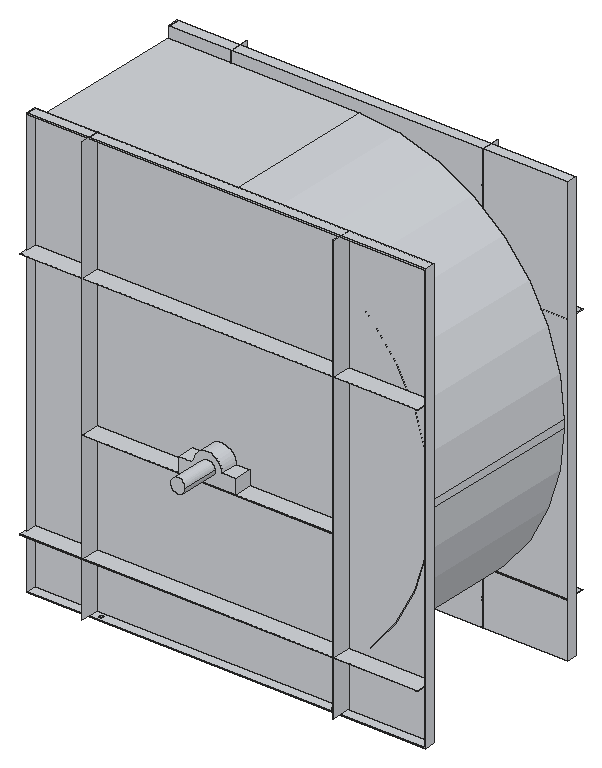
Revit family "CA-4_SWSI_ARR_3_CCW_THD", category Mechanical Equipment, Revit 2019
Family settings
  Round Connector Dimension = Use Radius
  Part Type = Normal
  Work Plane-Based = No
  Always vertical = Yes
  Cut with Voids When Loaded = No
  Shared = No
  Room Calculation Point = No
Parameters (values of type "600_CA-4_SWSI_ARR_3_CCW_THD_CLASS_3")
  S = 32"
  R = 49 5/16"
  P = 24 21/32"
  O/2 = O / 2  # 17/32"
  O = 1 1/16"
  N/2 = N / 2  # 1 31/32"
  N = 3 15/16"
  ModelID [instance] = ""
  M = 66 11/16"
  L = 10"
  K = 56 11/16"
  J = 3"
  INLET_RAD/2 = INLET_RAD / 2  # 16 1/2"
  INLET_RAD+1.5" = INLET_RAD + 1 1/2"  # 34 1/2"
  INLET_RAD = INLET_DIA / 2  # 33"
  INLET_DIA = 66"
  G-H = G - H  # 58"
  H = 51 5/8"
  G = 109 5/8"
  F = 118"
  Unit Weight [instance] = ""
  Sones [instance] = ""
  Motor RPM [instance] = ""
  Motor Enclosure [instance] = ""
  LwA [instance] = ""
  Fan RPM [instance] = ""
  E-(INLET_RAD+1.5") = E - (INLET_RAD + 1 1/2")  # 15 1/4"
  E+(INLET_RAD+1.5") = E + (INLET_RAD + 1 1/2")  # 84 1/4"
  E = 49 3/4"
  D-((D-B)/2) = D - ((D - B) / 2)  # 48 13/16"
  D = 51 13/16"
  B = 45 13/16"
  Accessories [instance] = ""
  A = 65 5/8"
  3" = 3"  # constant formula
  Brake Hp [instance] = ""
  4" = 4"  # constant formula
  2N = N + N  # 7 7/8"
  2' = 24"
  2" = 2"  # constant formula
  1" = 1"  # constant formula
  0 = 0"  # constant formula
  Voltage [instance] = 0 V
  URL = "www.lorencook.com"
  Type Comments = "Airfoil Centrifugal Blower Arrangement 3 Counter-Clockwise Top Horizontal Discharge"  # constant formula
  Static Pressure [instance] = 0.00 in-wg
  Power [instance] = Voltage * Motor FLA * sqrt(if(Phase = 3, 3, 1))  # 0 VA
  Phase [instance] = 0
  Number of Poles [instance] = 1
  Motor Hp [instance] = "0"
  Motor FLA [instance] = 0 A
  Model = "CA-4 SWSI ARR 3 CCW THD CLASS 3"
  Manufacturer = "Loren Cook Company"
  CFM [instance] = 0 CFM
  1.5 = 1 1/2"  # constant formula
  ONE EIGTH = 1/8"  # constant formula
  -(((K-B)/2)-.125") = -(((K - B) / 2) - 1/8")  # -5 5/16"
  (R-B)/2 = (R - B) / 2  # 1 3/4"
  ((K-B)/2)+B = ((K - B) / 2) + B  # 51 1/4"
  (D-B)/2 = (D - B) / 2  # 3"
  -(((K-B)/2)+L) = -(((K - B) / 2) + L)  # -15 7/16"
  ((D-B)/2)-.125" = ((D - B) / 2) - 1/8"  # 2 7/8"
Types (55): name | S | R | P | O/2 | O | N/2 | N | M | L | K | J | INLET_RAD/2 | INLET_RAD+1.5" | INLET_RAD | INLET_DIA | G-H | H | G | F | E-(INLET_RAD+1.5") | E+(INLET_RAD+1.5") | E | D-((D-B)/2) | D | B | A | 2N | Model | -(((K-B)/2)-.125") | (R-B)/2 | ((K-B)/2)+B | (D-B)/2 | -(((K-B)/2)+L) | ((D-B)/2)-.125"
  (no name) | 32" | 49 5/16" | 24 21/32" | 17/32" | 1 1/16" | 1 31/32" | 3 15/16" | 66 11/16" | 10" | 56 11/16" | 3" | 16 1/2" | 34 1/2" | 33" | 66" | 58" | 51 5/8" | 109 5/8" | 118" | 15 1/4" | 84 1/4" | 49 3/4" | 48 13/16" | 51 13/16" | 45 13/16" | 65 5/8" | 7 7/8" | "CA-4 SWSI ARR 3 CCW THD CLASS 3" | -5 5/16" | 1 3/4" | 51 1/4" | 3" | -15 7/16" | 2 7/8"
  120_CA-4_SWSI_ARR_3_CCW_THD_CLASS_1 | 7 1/2" | 11 7/16" | 5 23/32" | 11/32" | 11/16" | 1/2" | 1" | 18 7/8" | 3" | 15 7/8" | 2" | 4 1/16" | 9 5/8" | 8 1/8" | 16 1/4" | 12 3/8" | 10 3/8" | 22 3/4" | 25 3/4" | 1 1/8" | 20 3/8" | 10 3/4" | 11 3/16" | 13 3/16" | 9 3/16" | 13 1/8" | 2" | "CA-4 SWSI ARR 3 CCW THD CLASS 1" | -3 7/32" | 1 1/8" | 12 17/32" | 2" | -6 11/32" | 1 7/8"
  120_CA-4_SWSI_ARR_3_CCW_THD_CLASS_2 | 7 1/2" | 11 7/16" | 5 23/32" | 11/32" | 11/16" | 1/2" | 1" | 18 7/8" | 3" | 15 7/8" | 2" | 4 1/16" | 9 5/8" | 8 1/8" | 16 1/4" | 12 3/8" | 10 3/8" | 22 3/4" | 25 3/4" | 1 1/8" | 20 3/8" | 10 3/4" | 11 3/16" | 13 3/16" | 9 3/16" | 13 1/8" | 2" | "CA-4 SWSI ARR 3 CCW THD CLASS 2" | -3 7/32" | 1 1/8" | 12 17/32" | 2" | -6 11/32" | 1 7/8"
  120_CA-4_SWSI_ARR_3_CCW_THD_CLASS_3 | 7 1/2" | 11 7/16" | 5 23/32" | 11/32" | 11/16" | 19/32" | 1 3/16" | 18 7/8" | 3" | 15 7/8" | 2" | 4 1/16" | 9 5/8" | 8 1/8" | 16 1/4" | 12 3/8" | 10 3/8" | 22 3/4" | 25 3/4" | 1 1/8" | 20 3/8" | 10 3/4" | 11 3/16" | 13 3/16" | 9 3/16" | 13 1/8" | 2 3/8" | "CA-4 SWSI ARR 3 CCW THD CLASS 3" | -3 7/32" | 1 1/8" | 12 17/32" | 2" | -6 11/32" | 1 7/8"
  135_CA-4_SWSI_ARR_3_CCW_THD_CLASS_1 | 8 1/2" | 12 9/16" | 6 9/32" | 11/32" | 11/16" | 1/2" | 1" | 20" | 3" | 17" | 2" | 4 7/16" | 10 3/8" | 8 7/8" | 17 3/4" | 13 7/8" | 11 5/8" | 25 1/2" | 28 3/4" | 1 5/8" | 22 3/8" | 12" | 12 5/16" | 14 5/16" | 10 5/16" | 14 3/4" | 2" | "CA-4 SWSI ARR 3 CCW THD CLASS 1" | -3 7/32" | 1 1/8" | 13 21/32" | 2" | -6 11/32" | 1 7/8"
  135_CA-4_SWSI_ARR_3_CCW_THD_CLASS_2 | 8 1/2" | 12 9/16" | 6 9/32" | 11/32" | 11/16" | 1/2" | 1" | 20" | 3" | 17" | 2" | 4 7/16" | 10 3/8" | 8 7/8" | 17 3/4" | 13 7/8" | 11 5/8" | 25 1/2" | 28 3/4" | 1 5/8" | 22 3/8" | 12" | 12 5/16" | 14 5/16" | 10 5/16" | 14 3/4" | 2" | "CA-4 SWSI ARR 3 CCW THD CLASS 2" | -3 7/32" | 1 1/8" | 13 21/32" | 2" | -6 11/32" | 1 7/8"
  135_CA-4_SWSI_ARR_3_CCW_THD_CLASS_3 | 8 1/2" | 12 9/16" | 6 9/32" | 11/32" | 11/16" | 19/32" | 1 3/16" | 20" | 3" | 17" | 2" | 4 7/16" | 10 3/8" | 8 7/8" | 17 3/4" | 13 7/8" | 11 5/8" | 25 1/2" | 28 3/4" | 1 5/8" | 22 3/8" | 12" | 12 5/16" | 14 5/16" | 10 5/16" | 14 3/4" | 2 3/8" | "CA-4 SWSI ARR 3 CCW THD CLASS 3" | -3 7/32" | 1 1/8" | 13 21/32" | 2" | -6 11/32" | 1 7/8"
  150_CA-4_SWSI_ARR_3_CCW_THD_CLASS_1 | 9" | 13 11/16" | 6 27/32" | 11/32" | 11/16" | 1/2" | 1" | 21 1/8" | 3" | 18 1/8" | 2" | 4 13/16" | 11 1/8" | 9 5/8" | 19 1/4" | 15 1/4" | 12 7/8" | 28 1/8" | 31 5/8" | 2 1/8" | 24 3/8" | 13 1/4" | 13 7/16" | 15 7/16" | 11 7/16" | 16 7/16" | 2" | "CA-4 SWSI ARR 3 CCW THD CLASS 1" | -3 7/32" | 1 1/8" | 14 25/32" | 2" | -6 11/32" | 1 7/8"
  150_CA-4_SWSI_ARR_3_CCW_THD_CLASS_2 | 9" | 13 11/16" | 6 27/32" | 11/32" | 11/16" | 19/32" | 1 3/16" | 21 1/8" | 3" | 18 1/8" | 2" | 4 13/16" | 11 1/8" | 9 5/8" | 19 1/4" | 15 1/4" | 12 7/8" | 28 1/8" | 31 5/8" | 2 1/8" | 24 3/8" | 13 1/4" | 13 7/16" | 15 7/16" | 11 7/16" | 16 7/16" | 2 3/8" | "CA-4 SWSI ARR 3 CCW THD CLASS 2" | -3 7/32" | 1 1/8" | 14 25/32" | 2" | -6 11/32" | 1 7/8"
  150_CA-4_SWSI_ARR_3_CCW_THD_CLASS_3 | 9" | 13 11/16" | 6 27/32" | 11/32" | 11/16" | 23/32" | 1 7/16" | 21 1/8" | 3" | 18 1/8" | 2" | 4 13/16" | 11 1/8" | 9 5/8" | 19 1/4" | 15 1/4" | 12 7/8" | 28 1/8" | 31 5/8" | 2 1/8" | 24 3/8" | 13 1/4" | 13 7/16" | 15 7/16" | 11 7/16" | 16 7/16" | 2 7/8" | "CA-4 SWSI ARR 3 CCW THD CLASS 3" | -3 7/32" | 1 1/8" | 14 25/32" | 2" | -6 11/32" | 1 7/8"
  165_CA-4_SWSI_ARR_3_CCW_THD_CLASS_1 | 10" | 14 7/8" | 7 7/16" | 11/32" | 11/16" | 1/2" | 1" | 23 15/16" | 4" | 19 5/16" | 2" | 5 5/16" | 12 1/8" | 10 5/8" | 21 1/4" | 16 5/8" | 14 1/4" | 30 7/8" | 34 3/8" | 2 1/4" | 26 1/2" | 14 3/8" | 14 5/8" | 16 5/8" | 12 5/8" | 18 1/16" | 2" | "CA-4 SWSI ARR 3 CCW THD CLASS 1" | -3 7/32" | 1 1/8" | 15 31/32" | 2" | -7 11/32" | 1 7/8"
  165_CA-4_SWSI_ARR_3_CCW_THD_CLASS_2 | 10" | 14 7/8" | 7 7/16" | 11/32" | 11/16" | 19/32" | 1 3/16" | 23 15/16" | 4" | 19 5/16" | 2" | 5 5/16" | 12 1/8" | 10 5/8" | 21 1/4" | 16 5/8" | 14 1/4" | 30 7/8" | 34 3/8" | 2 1/4" | 26 1/2" | 14 3/8" | 14 5/8" | 16 5/8" | 12 5/8" | 18 1/16" | 2 3/8" | "CA-4 SWSI ARR 3 CCW THD CLASS 2" | -3 7/32" | 1 1/8" | 15 31/32" | 2" | -7 11/32" | 1 7/8"
  165_CA-4_SWSI_ARR_3_CCW_THD_CLASS_3 | 10" | 14 7/8" | 7 7/16" | 11/32" | 11/16" | 23/32" | 1 7/16" | 23 15/16" | 4" | 19 5/16" | 2" | 5 5/16" | 12 1/8" | 10 5/8" | 21 1/4" | 16 5/8" | 14 1/4" | 30 7/8" | 34 3/8" | 2 1/4" | 26 1/2" | 14 3/8" | 14 5/8" | 16 5/8" | 12 5/8" | 18 1/16" | 2 7/8" | "CA-4 SWSI ARR 3 CCW THD CLASS 3" | -3 7/32" | 1 1/8" | 15 31/32" | 2" | -7 11/32" | 1 7/8"
  180_CA-4_SWSI_ARR_3_CCW_THD_CLASS_1 | 11" | 16" | 8" | 11/32" | 11/16" | 19/32" | 1 3/16" | 24 15/16" | 4 1/2" | 20 7/16" | 2" | 5 11/16" | 12 7/8" | 11 3/8" | 22 3/4" | 18 1/8" | 15 1/2" | 33 5/8" | 37 1/8" | 2 3/4" | 28 1/2" | 15 5/8" | 15 3/4" | 17 3/4" | 13 3/4" | 19 11/16" | 2 3/8" | "CA-4 SWSI ARR 3 CCW THD CLASS 1" | -3 7/32" | 1 1/8" | 17 3/32" | 2" | -7 27/32" | 1 7/8"
  180_CA-4_SWSI_ARR_3_CCW_THD_CLASS_2 | 11" | 16" | 8" | 11/32" | 11/16" | 23/32" | 1 7/16" | 24 15/16" | 4 1/2" | 20 7/16" | 2" | 5 11/16" | 12 7/8" | 11 3/8" | 22 3/4" | 18 1/8" | 15 1/2" | 33 5/8" | 37 1/8" | 2 3/4" | 28 1/2" | 15 5/8" | 15 3/4" | 17 3/4" | 13 3/4" | 19 11/16" | 2 7/8" | "CA-4 SWSI ARR 3 CCW THD CLASS 2" | -3 7/32" | 1 1/8" | 17 3/32" | 2" | -7 27/32" | 1 7/8"
  180_CA-4_SWSI_ARR_3_CCW_THD_CLASS_3 | 11" | 16" | 8" | 11/32" | 11/16" | 27/32" | 1 11/16" | 24 15/16" | 4 1/2" | 20 7/16" | 2" | 5 11/16" | 12 7/8" | 11 3/8" | 22 3/4" | 18 1/8" | 15 1/2" | 33 5/8" | 37 1/8" | 2 3/4" | 28 1/2" | 15 5/8" | 15 3/4" | 17 3/4" | 13 3/4" | 19 11/16" | 3 3/8" | "CA-4 SWSI ARR 3 CCW THD CLASS 3" | -3 7/32" | 1 1/8" | 17 3/32" | 2" | -7 27/32" | 1 7/8"
  195_CA-4_SWSI_ARR_3_CCW_THD_CLASS_1 | 11 1/2" | 17 3/16" | 8 19/32" | 11/32" | 11/16" | 23/32" | 1 7/16" | 27 3/16" | 4 1/2" | 22 11/16" | 2" | 6 1/16" | 13 5/8" | 12 1/8" | 24 1/4" | 19 1/2" | 16 3/4" | 36 1/4" | 40" | 3 1/8" | 30 3/8" | 16 3/4" | 16 15/16" | 18 15/16" | 14 15/16" | 21 5/16" | 2 7/8" | "CA-4 SWSI ARR 3 CCW THD CLASS 1" | -3 3/4" | 1 1/8" | 18 13/16" | 2" | -8 3/8" | 1 7/8"
  195_CA-4_SWSI_ARR_3_CCW_THD_CLASS_2 | 11 1/2" | 17 3/16" | 8 19/32" | 11/32" | 11/16" | 23/32" | 1 7/16" | 27 3/16" | 4 1/2" | 22 11/16" | 2" | 6 1/16" | 13 5/8" | 12 1/8" | 24 1/4" | 19 1/2" | 16 3/4" | 36 1/4" | 40" | 3 1/8" | 30 3/8" | 16 3/4" | 16 15/16" | 18 15/16" | 14 15/16" | 21 5/16" | 2 7/8" | "CA-4 SWSI ARR 3 CCW THD CLASS 2" | -3 3/4" | 1 1/8" | 18 13/16" | 2" | -8 3/8" | 1 7/8"
  195_CA-4_SWSI_ARR_3_CCW_THD_CLASS_3 | 11 1/2" | 17 3/16" | 8 19/32" | 11/32" | 11/16" | 27/32" | 1 11/16" | 27 3/16" | 4 1/2" | 22 11/16" | 2" | 6 1/16" | 13 5/8" | 12 1/8" | 24 1/4" | 19 1/2" | 16 3/4" | 36 1/4" | 40" | 3 1/8" | 30 3/8" | 16 3/4" | 16 15/16" | 18 15/16" | 14 15/16" | 21 5/16" | 3 3/8" | "CA-4 SWSI ARR 3 CCW THD CLASS 3" | -3 3/4" | 1 1/8" | 18 13/16" | 2" | -8 3/8" | 1 7/8"
  210_CA-4_SWSI_ARR_3_CCW_THD_CLASS_1 | 12" | 18 5/16" | 9 5/32" | 13/32" | 13/16" | 23/32" | 1 7/16" | 28 13/16" | 5" | 23 13/16" | 2" | 6 1/2" | 14 1/2" | 13" | 26" | 21" | 18 1/8" | 39 1/8" | 42 7/8" | 3 1/2" | 32 1/2" | 18" | 18 1/16" | 20 1/16" | 16 1/16" | 23" | 2 7/8" | "CA-4 SWSI ARR 3 CCW THD CLASS 1" | -3 3/4" | 1 1/8" | 19 15/16" | 2" | -8 7/8" | 1 7/8"
  210_CA-4_SWSI_ARR_3_CCW_THD_CLASS_2 | 12" | 18 5/16" | 9 5/32" | 13/32" | 13/16" | 23/32" | 1 7/16" | 28 13/16" | 5" | 23 13/16" | 2" | 6 1/2" | 14 1/2" | 13" | 26" | 21" | 18 1/8" | 39 1/8" | 42 7/8" | 3 1/2" | 32 1/2" | 18" | 18 1/16" | 20 1/16" | 16 1/16" | 23" | 2 7/8" | "CA-4 SWSI ARR 3 CCW THD CLASS 2" | -3 3/4" | 1 1/8" | 19 15/16" | 2" | -8 7/8" | 1 7/8"
  210_CA-4_SWSI_ARR_3_CCW_THD_CLASS_3 | 12" | 18 5/16" | 9 5/32" | 13/32" | 13/16" | 27/32" | 1 11/16" | 28 13/16" | 5" | 23 13/16" | 2" | 6 1/2" | 14 1/2" | 13" | 26" | 21" | 18 1/8" | 39 1/8" | 42 7/8" | 3 1/2" | 32 1/2" | 18" | 18 1/16" | 20 1/16" | 16 1/16" | 23" | 3 3/8" | "CA-4 SWSI ARR 3 CCW THD CLASS 3" | -3 3/4" | 1 1/8" | 19 15/16" | 2" | -8 7/8" | 1 7/8"
  225_CA-4_SWSI_ARR_3_CCW_THD_CLASS_1 | 12 1/2" | 19 7/16" | 9 23/32" | 13/32" | 13/16" | 23/32" | 1 7/16" | 29 15/16" | 5" | 24 15/16" | 2" | 6 7/8" | 15 1/4" | 13 3/4" | 27 1/2" | 22 3/8" | 19 3/8" | 41 3/4" | 45 3/4" | 4" | 34 1/2" | 19 1/4" | 19 3/16" | 21 3/16" | 17 3/16" | 24 5/8" | 2 7/8" | "CA-4 SWSI ARR 3 CCW THD CLASS 1" | -3 3/4" | 1 1/8" | 21 1/16" | 2" | -8 7/8" | 1 7/8"
  225_CA-4_SWSI_ARR_3_CCW_THD_CLASS_2 | 12 1/2" | 19 7/16" | 9 23/32" | 13/32" | 13/16" | 23/32" | 1 7/16" | 29 15/16" | 5" | 24 15/16" | 2" | 6 7/8" | 15 1/4" | 13 3/4" | 27 1/2" | 22 3/8" | 19 3/8" | 41 3/4" | 45 3/4" | 4" | 34 1/2" | 19 1/4" | 19 3/16" | 21 3/16" | 17 3/16" | 24 5/8" | 2 7/8" | "CA-4 SWSI ARR 3 CCW THD CLASS 2" | -3 3/4" | 1 1/8" | 21 1/16" | 2" | -8 7/8" | 1 7/8"
  225_CA-4_SWSI_ARR_3_CCW_THD_CLASS_3 | 12 1/2" | 19 7/16" | 9 23/32" | 13/32" | 13/16" | 27/32" | 1 11/16" | 29 15/16" | 5" | 24 15/16" | 2" | 6 7/8" | 15 1/4" | 13 3/4" | 27 1/2" | 22 3/8" | 19 3/8" | 41 3/4" | 45 3/4" | 4" | 34 1/2" | 19 1/4" | 19 3/16" | 21 3/16" | 17 3/16" | 24 5/8" | 3 3/8" | "CA-4 SWSI ARR 3 CCW THD CLASS 3" | -3 3/4" | 1 1/8" | 21 1/16" | 2" | -8 7/8" | 1 7/8"
  245_CA-4_SWSI_ARR_3_CCW_THD_CLASS_1 | 13 1/2" | 21" | 10 1/2" | 13/32" | 13/16" | 23/32" | 1 7/16" | 32" | 5 1/2" | 26 1/2" | 2" | 7 3/8" | 16 1/4" | 14 3/4" | 29 1/2" | 24 1/4" | 21 1/8" | 45 3/8" | 49 1/2" | 4 5/8" | 37 1/8" | 20 7/8" | 20 3/4" | 22 3/4" | 18 3/4" | 26 13/16" | 2 7/8" | "CA-4 SWSI ARR 3 CCW THD CLASS 1" | -3 3/4" | 1 1/8" | 22 5/8" | 2" | -9 3/8" | 1 7/8"
  245_CA-4_SWSI_ARR_3_CCW_THD_CLASS_2 | 13 1/2" | 21" | 10 1/2" | 13/32" | 13/16" | 27/32" | 1 11/16" | 32" | 5 1/2" | 26 1/2" | 2" | 7 3/8" | 16 1/4" | 14 3/4" | 29 1/2" | 24 1/4" | 21 1/8" | 45 3/8" | 49 1/2" | 4 5/8" | 37 1/8" | 20 7/8" | 20 3/4" | 22 3/4" | 18 3/4" | 26 13/16" | 3 3/8" | "CA-4 SWSI ARR 3 CCW THD CLASS 2" | -3 3/4" | 1 1/8" | 22 5/8" | 2" | -9 3/8" | 1 7/8"
  245_CA-4_SWSI_ARR_3_CCW_THD_CLASS_3 | 13 1/2" | 21" | 10 1/2" | 13/32" | 13/16" | 31/32" | 1 15/16" | 32" | 5 1/2" | 26 1/2" | 2" | 7 3/8" | 16 1/4" | 14 3/4" | 29 1/2" | 24 1/4" | 21 1/8" | 45 3/8" | 49 1/2" | 4 5/8" | 37 1/8" | 20 7/8" | 20 3/4" | 22 3/4" | 18 3/4" | 26 13/16" | 3 7/8" | "CA-4 SWSI ARR 3 CCW THD CLASS 3" | -3 3/4" | 1 1/8" | 22 5/8" | 2" | -9 3/8" | 1 7/8"
  270_CA-4_SWSI_ARR_3_CCW_THD_CLASS_1 | 15" | 22 7/8" | 11 7/16" | 13/32" | 13/16" | 23/32" | 1 7/16" | 34 3/8" | 6" | 28 3/8" | 2" | 8" | 17 1/2" | 16" | 32" | 26 5/8" | 23 1/4" | 49 7/8" | 54 3/4" | 5 7/8" | 40 7/8" | 23 3/8" | 22 5/8" | 24 5/8" | 20 5/8" | 29 9/16" | 2 7/8" | "CA-4 SWSI ARR 3 CCW THD CLASS 1" | -3 3/4" | 1 1/8" | 24 1/2" | 2" | -9 7/8" | 1 7/8"
  270_CA-4_SWSI_ARR_3_CCW_THD_CLASS_2 | 15" | 22 7/8" | 11 7/16" | 13/32" | 13/16" | 27/32" | 1 11/16" | 34 3/8" | 6" | 28 3/8" | 2" | 8" | 17 1/2" | 16" | 32" | 26 5/8" | 23 1/4" | 49 7/8" | 54 3/4" | 5 7/8" | 40 7/8" | 23 3/8" | 22 5/8" | 24 5/8" | 20 5/8" | 29 9/16" | 3 3/8" | "CA-4 SWSI ARR 3 CCW THD CLASS 2" | -3 3/4" | 1 1/8" | 24 1/2" | 2" | -9 7/8" | 1 7/8"
  270_CA-4_SWSI_ARR_3_CCW_THD_CLASS_3 | 15" | 22 7/8" | 11 7/16" | 13/32" | 13/16" | 31/32" | 1 15/16" | 34 3/8" | 6" | 28 3/8" | 2" | 8" | 17 1/2" | 16" | 32" | 26 5/8" | 23 1/4" | 49 7/8" | 54 3/4" | 5 7/8" | 40 7/8" | 23 3/8" | 22 5/8" | 24 5/8" | 20 5/8" | 29 9/16" | 3 7/8" | "CA-4 SWSI ARR 3 CCW THD CLASS 3" | -3 3/4" | 1 1/8" | 24 1/2" | 2" | -9 7/8" | 1 7/8"
  300_CA-4_SWSI_ARR_3_CCW_THD_CLASS_1 | 16 1/2" | 25 3/16" | 12 19/32" | 13/32" | 13/16" | 27/32" | 1 11/16" | 37 3/16" | 6 1/2" | 30 11/16" | 2" | 8 3/4" | 19" | 17 1/2" | 35" | 29 1/2" | 25 7/8" | 55 3/8" | 60" | 6 3/8" | 44 3/8" | 25 3/8" | 24 15/16" | 26 15/16" | 22 15/16" | 32 13/16" | 3 3/8" | "CA-4 SWSI ARR 3 CCW THD CLASS 1" | -3 3/4" | 1 1/8" | 26 13/16" | 2" | -10 3/8" | 1 7/8"
  300_CA-4_SWSI_ARR_3_CCW_THD_CLASS_2 | 16 1/2" | 25 3/16" | 12 19/32" | 13/32" | 13/16" | 31/32" | 1 15/16" | 37 3/16" | 6 1/2" | 30 11/16" | 2" | 8 3/4" | 19" | 17 1/2" | 35" | 29 1/2" | 25 7/8" | 55 3/8" | 60" | 6 3/8" | 44 3/8" | 25 3/8" | 24 15/16" | 26 15/16" | 22 15/16" | 32 13/16" | 3 7/8" | "CA-4 SWSI ARR 3 CCW THD CLASS 2" | -3 3/4" | 1 1/8" | 26 13/16" | 2" | -10 3/8" | 1 7/8"
  300_CA-4_SWSI_ARR_3_CCW_THD_CLASS_3 | 16 1/2" | 25 3/16" | 12 19/32" | 13/32" | 13/16" | 1 3/32" | 2 3/16" | 37 3/16" | 6 1/2" | 30 11/16" | 2" | 8 3/4" | 19" | 17 1/2" | 35" | 29 1/2" | 25 7/8" | 55 3/8" | 60" | 6 3/8" | 44 3/8" | 25 3/8" | 24 15/16" | 26 15/16" | 22 15/16" | 32 13/16" | 4 3/8" | "CA-4 SWSI ARR 3 CCW THD CLASS 3" | -3 3/4" | 1 1/8" | 26 13/16" | 2" | -10 3/8" | 1 7/8"
  330_CA-4_SWSI_ARR_3_CCW_THD_CLASS_1 | 18" | 27 1/2" | 13 3/4" | 13/32" | 13/16" | 27/32" | 1 11/16" | 40" | 7" | 33" | 2" | 9 1/2" | 20 1/2" | 19" | 38" | 32 3/8" | 28 3/8" | 60 3/4" | 65 3/4" | 7 3/8" | 48 3/8" | 27 7/8" | 27 1/4" | 29 1/4" | 25 1/4" | 36 1/8" | 3 3/8" | "CA-4 SWSI ARR 3 CCW THD CLASS 1" | -3 3/4" | 1 1/8" | 29 1/8" | 2" | -10 7/8" | 1 7/8"
  330_CA-4_SWSI_ARR_3_CCW_THD_CLASS_2 | 18" | 27 1/2" | 13 3/4" | 13/32" | 13/16" | 1 3/32" | 2 3/16" | 40" | 7" | 33" | 2" | 9 1/2" | 20 1/2" | 19" | 38" | 32 3/8" | 28 3/8" | 60 3/4" | 65 3/4" | 7 3/8" | 48 3/8" | 27 7/8" | 27 1/4" | 29 1/4" | 25 1/4" | 36 1/8" | 4 3/8" | "CA-4 SWSI ARR 3 CCW THD CLASS 2" | -3 3/4" | 1 1/8" | 29 1/8" | 2" | -10 7/8" | 1 7/8"
  330_CA-4_SWSI_ARR_3_CCW_THD_CLASS_3 | 18" | 27 1/2" | 13 3/4" | 13/32" | 13/16" | 1 3/32" | 2 3/16" | 40" | 7" | 33" | 2" | 9 1/2" | 20 1/2" | 19" | 38" | 32 3/8" | 28 3/8" | 60 3/4" | 65 3/4" | 7 3/8" | 48 3/8" | 27 7/8" | 27 1/4" | 29 1/4" | 25 1/4" | 36 1/8" | 4 3/8" | "CA-4 SWSI ARR 3 CCW THD CLASS 3" | -3 3/4" | 1 1/8" | 29 1/8" | 2" | -10 7/8" | 1 7/8"
  365_CA-4_SWSI_ARR_3_CCW_THD_CLASS_1 | 20" | 30 1/8" | 15 1/16" | 13/32" | 13/16" | 31/32" | 1 15/16" | 43 1/8" | 7 1/2" | 35 5/8" | 2" | 10 3/8" | 22 1/4" | 20 3/4" | 41 1/2" | 35 5/8" | 31 3/8" | 67" | 72 3/8" | 8 3/8" | 52 7/8" | 30 5/8" | 29 7/8" | 31 7/8" | 27 7/8" | 39 15/16" | 3 7/8" | "CA-4 SWSI ARR 3 CCW THD CLASS 1" | -3 3/4" | 1 1/8" | 31 3/4" | 2" | -11 3/8" | 1 7/8"
  365_CA-4_SWSI_ARR_3_CCW_THD_CLASS_2 | 20" | 30 1/8" | 15 1/16" | 13/32" | 13/16" | 1 7/32" | 2 7/16" | 43 1/8" | 7 1/2" | 35 5/8" | 2" | 10 3/8" | 22 1/4" | 20 3/4" | 41 1/2" | 35 5/8" | 31 3/8" | 67" | 72 3/8" | 8 3/8" | 52 7/8" | 30 5/8" | 29 7/8" | 31 7/8" | 27 7/8" | 39 15/16" | 4 7/8" | "CA-4 SWSI ARR 3 CCW THD CLASS 2" | -3 3/4" | 1 1/8" | 31 3/4" | 2" | -11 3/8" | 1 7/8"
  365_CA-4_SWSI_ARR_3_CCW_THD_CLASS_3 | 20" | 30 1/8" | 15 1/16" | 13/32" | 13/16" | 1 7/32" | 2 7/16" | 43 1/8" | 7 1/2" | 35 5/8" | 2" | 10 3/8" | 22 1/4" | 20 3/4" | 41 1/2" | 35 5/8" | 31 3/8" | 67" | 72 3/8" | 8 3/8" | 52 7/8" | 30 5/8" | 29 7/8" | 31 7/8" | 27 7/8" | 39 15/16" | 4 7/8" | "CA-4 SWSI ARR 3 CCW THD CLASS 3" | -3 3/4" | 1 1/8" | 31 3/4" | 2" | -11 3/8" | 1 7/8"
  402_CA-4_SWSI_ARR_3_CCW_THD_CLASS_1 | 22" | 34 1/4" | 17 1/8" | 17/32" | 1 1/16" | 31/32" | 1 15/16" | 46 5/8" | 8" | 38 5/8" | 3" | 11 5/16" | 24 1/8" | 22 5/8" | 45 1/4" | 39 1/4" | 34 5/8" | 73 7/8" | 80 3/8" | 9 1/2" | 57 3/4" | 33 5/8" | 33 3/4" | 36 3/4" | 30 3/4" | 44 1/16" | 3 7/8" | "CA-4 SWSI ARR 3 CCW THD CLASS 1" | -3 13/16" | 1 3/4" | 34 11/16" | 3" | -11 15/16" | 2 7/8"
  402_CA-4_SWSI_ARR_3_CCW_THD_CLASS_2 | 22" | 34 1/4" | 17 1/8" | 17/32" | 1 1/16" | 1 7/32" | 2 7/16" | 46 5/8" | 8" | 38 5/8" | 3" | 11 5/16" | 24 1/8" | 22 5/8" | 45 1/4" | 39 1/4" | 34 5/8" | 73 7/8" | 80 3/8" | 9 1/2" | 57 3/4" | 33 5/8" | 33 3/4" | 36 3/4" | 30 3/4" | 44 1/16" | 4 7/8" | "CA-4 SWSI ARR 3 CCW THD CLASS 2" | -3 13/16" | 1 3/4" | 34 11/16" | 3" | -11 15/16" | 2 7/8"
  402_CA-4_SWSI_ARR_3_CCW_THD_CLASS_3 | 22" | 34 1/4" | 17 1/8" | 17/32" | 1 1/16" | 1 11/32" | 2 11/16" | 46 5/8" | 8" | 38 5/8" | 3" | 11 5/16" | 24 1/8" | 22 5/8" | 45 1/4" | 39 1/4" | 34 5/8" | 73 7/8" | 80 3/8" | 9 1/2" | 57 3/4" | 33 5/8" | 33 3/4" | 36 3/4" | 30 3/4" | 44 1/16" | 5 3/8" | "CA-4 SWSI ARR 3 CCW THD CLASS 3" | -3 13/16" | 1 3/4" | 34 11/16" | 3" | -11 15/16" | 2 7/8"
  445_CA-4_SWSI_ARR_3_CCW_THD_CLASS_1 | 24" | 37 1/2" | 18 3/4" | 17/32" | 1 1/16" | 31/32" | 1 15/16" | 50 3/8" | 8 1/2" | 41 7/8" | 3" | 12 3/8" | 26 1/4" | 24 3/4" | 49 1/2" | 43 1/4" | 38 1/4" | 81 1/2" | 88 1/2" | 10 7/8" | 63 3/8" | 37 1/8" | 37" | 40" | 34" | 48 11/16" | 3 7/8" | "CA-4 SWSI ARR 3 CCW THD CLASS 1" | -3 13/16" | 1 3/4" | 37 15/16" | 3" | -12 7/16" | 2 7/8"
  445_CA-4_SWSI_ARR_3_CCW_THD_CLASS_2 | 24" | 37 1/2" | 18 3/4" | 17/32" | 1 1/16" | 1 11/32" | 2 11/16" | 50 3/8" | 8 1/2" | 41 7/8" | 3" | 12 3/8" | 26 1/4" | 24 3/4" | 49 1/2" | 43 1/4" | 38 1/4" | 81 1/2" | 88 1/2" | 10 7/8" | 63 3/8" | 37 1/8" | 37" | 40" | 34" | 48 11/16" | 5 3/8" | "CA-4 SWSI ARR 3 CCW THD CLASS 2" | -3 13/16" | 1 3/4" | 37 15/16" | 3" | -12 7/16" | 2 7/8"
  445_CA-4_SWSI_ARR_3_CCW_THD_CLASS_3 | 24" | 37 1/2" | 18 3/4" | 17/32" | 1 1/16" | 1 15/32" | 2 15/16" | 50 3/8" | 8 1/2" | 41 7/8" | 3" | 12 3/8" | 26 1/4" | 24 3/4" | 49 1/2" | 43 1/4" | 38 1/4" | 81 1/2" | 88 1/2" | 10 7/8" | 63 3/8" | 37 1/8" | 37" | 40" | 34" | 48 11/16" | 5 7/8" | "CA-4 SWSI ARR 3 CCW THD CLASS 3" | -3 13/16" | 1 3/4" | 37 15/16" | 3" | -12 7/16" | 2 7/8"
  490_CA-4_SWSI_ARR_3_CCW_THD_CLASS_1 | 26 1/2" | 40 15/16" | 20 15/32" | 17/32" | 1 1/16" | 1 3/32" | 2 3/16" | 55 5/16" | 9" | 46 5/16" | 3" | 13 3/4" | 29" | 27 1/2" | 55" | 47 1/2" | 42 1/4" | 89 3/4" | 97" | 11 3/4" | 69 3/4" | 40 3/4" | 40 7/16" | 43 7/16" | 37 7/16" | 53 5/8" | 4 3/8" | "CA-4 SWSI ARR 3 CCW THD CLASS 1" | -4 5/16" | 1 3/4" | 41 7/8" | 3" | -13 7/16" | 2 7/8"
  490_CA-4_SWSI_ARR_3_CCW_THD_CLASS_2 | 26 1/2" | 40 15/16" | 20 15/32" | 17/32" | 1 1/16" | 1 11/32" | 2 11/16" | 55 5/16" | 9" | 46 5/16" | 3" | 13 3/4" | 29" | 27 1/2" | 55" | 47 1/2" | 42 1/4" | 89 3/4" | 97" | 11 3/4" | 69 3/4" | 40 3/4" | 40 7/16" | 43 7/16" | 37 7/16" | 53 5/8" | 5 3/8" | "CA-4 SWSI ARR 3 CCW THD CLASS 2" | -4 5/16" | 1 3/4" | 41 7/8" | 3" | -13 7/16" | 2 7/8"
  490_CA-4_SWSI_ARR_3_CCW_THD_CLASS_3 | 26 1/2" | 40 15/16" | 20 15/32" | 17/32" | 1 1/16" | 1 15/32" | 2 15/16" | 55 5/16" | 9" | 46 5/16" | 3" | 13 3/4" | 29" | 27 1/2" | 55" | 47 1/2" | 42 1/4" | 89 3/4" | 97" | 11 3/4" | 69 3/4" | 40 3/4" | 40 7/16" | 43 7/16" | 37 7/16" | 53 5/8" | 5 7/8" | "CA-4 SWSI ARR 3 CCW THD CLASS 3" | -4 5/16" | 1 3/4" | 41 7/8" | 3" | -13 7/16" | 2 7/8"
  540_CA-4_SWSI_ARR_3_CCW_THD_CLASS_1 | 29" | 44 3/4" | 22 3/8" | 17/32" | 1 1/16" | 1 23/32" | 3 7/16" | 61 5/8" | 9 1/2" | 52 1/8" | 3" | 15" | 31 1/2" | 30" | 60" | 52 1/4" | 46 1/2" | 98 3/4" | 106 5/8" | 13 3/8" | 76 3/8" | 44 7/8" | 44 1/4" | 47 1/4" | 41 1/4" | 59 1/16" | 6 7/8" | "CA-4 SWSI ARR 3 CCW THD CLASS 1" | -5 5/16" | 1 3/4" | 46 11/16" | 3" | -14 15/16" | 2 7/8"
  540_CA-4_SWSI_ARR_3_CCW_THD_CLASS_2 | 29" | 44 3/4" | 22 3/8" | 17/32" | 1 1/16" | 1 15/32" | 2 15/16" | 61 5/8" | 9 1/2" | 52 1/8" | 3" | 15" | 31 1/2" | 30" | 60" | 52 1/4" | 46 1/2" | 98 3/4" | 106 5/8" | 13 3/8" | 76 3/8" | 44 7/8" | 44 1/4" | 47 1/4" | 41 1/4" | 59 1/16" | 5 7/8" | "CA-4 SWSI ARR 3 CCW THD CLASS 2" | -5 5/16" | 1 3/4" | 46 11/16" | 3" | -14 15/16" | 2 7/8"
  540_CA-4_SWSI_ARR_3_CCW_THD_CLASS_3 | 29" | 44 3/4" | 22 3/8" | 17/32" | 1 1/16" | 1 23/32" | 3 7/16" | 61 5/8" | 9 1/2" | 52 1/8" | 3" | 15" | 31 1/2" | 30" | 60" | 52 1/4" | 46 1/2" | 98 3/4" | 106 5/8" | 13 3/8" | 76 3/8" | 44 7/8" | 44 1/4" | 47 1/4" | 41 1/4" | 59 1/16" | 6 7/8" | "CA-4 SWSI ARR 3 CCW THD CLASS 3" | -5 5/16" | 1 3/4" | 46 11/16" | 3" | -14 15/16" | 2 7/8"
  600_CA-4_SWSI_ARR_3_CCW_THD_CLASS_1 | 32" | 49 5/16" | 24 21/32" | 17/32" | 1 1/16" | 1 11/32" | 2 11/16" | 66 11/16" | 10" | 56 11/16" | 3" | 16 1/2" | 34 1/2" | 33" | 66" | 58" | 51 5/8" | 109 5/8" | 118" | 15 1/4" | 84 1/4" | 49 3/4" | 48 13/16" | 51 13/16" | 45 13/16" | 65 5/8" | 5 3/8" | "CA-4 SWSI ARR 3 CCW THD CLASS 1" | -5 5/16" | 1 3/4" | 51 1/4" | 3" | -15 7/16" | 2 7/8"
  600_CA-4_SWSI_ARR_3_CCW_THD_CLASS_2 | 32" | 49 5/16" | 24 21/32" | 17/32" | 1 1/16" | 1 23/32" | 3 7/16" | 66 11/16" | 10" | 56 11/16" | 3" | 16 1/2" | 34 1/2" | 33" | 66" | 58" | 51 5/8" | 109 5/8" | 118" | 15 1/4" | 84 1/4" | 49 3/4" | 48 13/16" | 51 13/16" | 45 13/16" | 65 5/8" | 6 7/8" | "CA-4 SWSI ARR 3 CCW THD CLASS 2" | -5 5/16" | 1 3/4" | 51 1/4" | 3" | -15 7/16" | 2 7/8"
  600_CA-4_SWSI_ARR_3_CCW_THD_CLASS_3 | 32" | 49 5/16" | 24 21/32" | 17/32" | 1 1/16" | 1 31/32" | 3 15/16" | 66 11/16" | 10" | 56 11/16" | 3" | 16 1/2" | 34 1/2" | 33" | 66" | 58" | 51 5/8" | 109 5/8" | 118" | 15 1/4" | 84 1/4" | 49 3/4" | 48 13/16" | 51 13/16" | 45 13/16" | 65 5/8" | 7 7/8" | "CA-4 SWSI ARR 3 CCW THD CLASS 3" | -5 5/16" | 1 3/4" | 51 1/4" | 3" | -15 7/16" | 2 7/8"
Reference planes (in)
  plane 1 "Center (Front/Back)": y = 0
  plane 2: z = 0
  plane 3 "Center (Left/Right)": x = 0.40541
Forms (in)
  Extrusion 1, solid
    sketch origin (0, 0, 0) x (1, 0, 0) y (0, 0, 1)
      loop
        line (-51.21959, 0) -> (58.40541, 0) -> (58.40541, 118) -> (-51.21959, 118) -> (-51.21959, 0)
    from 0 to 3 <- "(D-B)/2"
  Extrusion 2, solid
    sketch origin (0, 0, 0) x (1, 0, 0) y (0, 0, 1)
      loop
        line (-51.21959, 118) -> (-51.21959, 0) -> (58.40541, 0) -> (58.40541, 118) -> (-51.21959, 118)
    from 51.8125 <- "D" to 48.8125 <- "D-((D-B)/2)"
  Extrusion 3, void
    sketch origin (0, 0, 0) x (1, 0, 0) y (0, 0, 1)
      loop
        line (-51.09459, 117.875) -> (-51.09459, 0.125) -> (58.28041, 0.125) -> (58.28041, 117.875) -> (-51.09459, 117.875)
    from 0 to 2.875 <- "((D-B)/2)-.125""
  Extrusion 4, void
    sketch origin (0, -51.8125, 0) x (-1, 0, 0) y (0, 0, 1)
      loop
        line (51.09459, 117.875) -> (-58.28041, 117.875) -> (-58.28041, 0.125) -> (51.09459, 0.125) -> (51.09459, 117.875)
    from 0 to 2.875 <- "((D-B)/2)-.125""
  Extrusion 5, solid
    sketch origin (0, -3, 0) x (1, 0, 0) y (0, 0, 1)
      loop
        line (-51.21959, 115) -> (-51.21959, 49.375) -> (-47.28209, 49.375) -> (-47.28209, 45.4375)
        arc (-47.28209, 45.4375) -> (-34.26665, 14.01544) -> (-2.84459, 1) r 44.4375
        line (-2.84459, 1) -> (1.40541, 1)
        arc (1.40541, 1) -> (41.00339, 17.40202) -> (57.40541, 57) r 56
        line (57.40541, 57) -> (57.40541, 59)
        arc (57.40541, 59) -> (41.00339, 98.59798) -> (1.40541, 115) r 56
        line (1.40541, 115) -> (-51.21959, 115)
    from 0 to 45.8125 <- "B"
  Extrusion 6, solid
    sketch origin (0, -48.8125, 0) x (-1, 0, 0) y (0, 0, 1)
      loop
        circle (-0.40541, 49.75) r 1.96875
    from 51.25 <- "((K-B)/2)+B" to -15.4375 <- "-(((K-B)/2)+L)"
  Extrusion 7, solid
    sketch origin (0, -48.8125, 0) x (-1, 0, 0) y (0, 0, 1)
      loop
        line (7.46959, 45.8125) -> (7.46959, 49.75) -> (3.53209, 49.75)
        arc (3.53209, 49.75) -> (-0.40541, 53.6875) -> (-4.34291, 49.75) r 3.9375
        line (-4.34291, 49.75) -> (-8.28041, 49.75) -> (-8.28041, 45.8125) -> (7.46959, 45.8125)
    from -0.5 to -5.3125 <- "-(((K-B)/2)-.125")"
  Extrusion 8, solid
    sketch origin (0, -3, 0) x (1, 0, 0) y (0, 0, 1)
      loop
        arc (4.34291, 49.75) -> (0.40541, 53.6875) -> (-3.53209, 49.75) r 3.9375
        line (-3.53209, 49.75) -> (-7.46959, 49.75) -> (-7.46959, 45.8125) -> (8.28041, 45.8125) -> (8.28041, 49.75) -> (4.34291, 49.75)
    from -0.5 to -5.3125 <- "-(((K-B)/2)-.125")"
  Extrusion 9, solid
    sketch origin (0, -3, 0) x (1, 0, 0) y (0, 0, 1)
      loop
        line (35.03041, 117.875) -> (34.90541, 117.875) -> (34.90541, 0.125) -> (35.03041, 0.125) -> (35.03041, 117.875)
      loop
        line (-34.09459, 0.125) -> (-34.09459, 117.875) -> (-34.21959, 117.875) -> (-34.21959, 0.125) -> (-34.09459, 0.125)
    from 0 to -5.3125 <- "-(((K-B)/2)-.125")"
  Extrusion 10, solid
    sketch origin (0, -3, 0) x (1, 0, 0) y (0, 0, 1)
      loop
        line (58.28041, 84.375) -> (-51.09459, 84.375) -> (-51.09459, 84.25) -> (58.28041, 84.25) -> (58.28041, 84.375)
      loop
        line (58.28041, 15.25) -> (-51.09459, 15.25) -> (-51.09459, 15.125) -> (58.28041, 15.125) -> (58.28041, 15.25)
      loop
        line (34.90541, 45.8125) -> (-34.09459, 45.8125) -> (-34.09459, 45.6875) -> (34.90541, 45.6875) -> (34.90541, 45.8125)
    from 0 to -5.3125 <- "-(((K-B)/2)-.125")"
  Extrusion 11, solid
    sketch origin (0, -48.8125, 0) x (-1, 0, 0) y (0, 0, 1)
      loop
        line (34.21959, 117.875) -> (34.09459, 117.875) -> (34.09459, 0.125) -> (34.21959, 0.125) -> (34.21959, 117.875)
      loop
        line (-34.90541, 0.125) -> (-34.90541, 117.875) -> (-35.03041, 117.875) -> (-35.03041, 0.125) -> (-34.90541, 0.125)
    from 0 to -5.3125 <- "-(((K-B)/2)-.125")"
  Extrusion 12, solid
    sketch origin (0, -48.8125, 0) x (-1, 0, 0) y (0, 0, 1)
      loop
        line (51.09459, 84.375) -> (-58.28041, 84.375) -> (-58.28041, 84.25) -> (51.09459, 84.25) -> (51.09459, 84.375)
      loop
        line (-34.90541, 45.8125) -> (-34.90541, 45.6875) -> (34.09459, 45.6875) -> (34.09459, 45.8125) -> (-34.90541, 45.8125)
      loop
        line (51.09459, 15.25) -> (-58.28041, 15.25) -> (-58.28041, 15.125) -> (51.09459, 15.125) -> (51.09459, 15.25)
    from 0 to -5.3125 <- "-(((K-B)/2)-.125")"
  Extrusion 13, void
    sketch origin (0, 0, 0) x (1, 0, 0) y (0, 1, 0)
      loop
        circle (-31.59459, -1.25) r 0.53125
      loop
        circle (32.40541, -1.25) r 0.53125
      loop
        circle (32.40541, -50.5625) r 0.53125
      loop
        circle (-31.59459, -50.5625) r 0.53125
    from -0.25 to 0.25
  Revolve 14, void
    sketch origin (0.40541, 0, 0) x (0, 1, 0) y (0, 0, 1)
      loop
        arc (-2.875, 82.75) -> (-7.70774, 71.08274) -> (-19.375, 66.25) r 16.5
        line (-19.375, 66.25) -> (-19.375, 51.71875) -> (-2.875, 51.71875) -> (-2.875, 82.75)
      axis (-19.375, 49.75) -> (-2.875, 49.75)
    angle from 0 to 360
Cuts and joins
  Extrusion 3, Extrusion 13, Revolve 14 cuts Extrusion 1
  Extrusion 4, Extrusion 13 cuts Extrusion 2
  Extrusion 13, Revolve 14 cuts Extrusion 9
  Extrusion 13 cuts Extrusion 11
  Revolve 14 cuts Extrusion 5
  Revolve 14 cuts Extrusion 10
Dimensions and locks (in)
  "0": Extrusion 1 sketch curve to level
  "F": Extrusion 1 sketch curve to Extrusion 1 sketch curve
  "G-H": Extrusion 1 sketch curve to plane 3 "Center (Left/Right)"
  "G": Extrusion 1 sketch curve to Extrusion 1 sketch curve
  "0": Extrusion 2 sketch curve to level
  "0": Extrusion 1 to Extrusion 2 sketch curve  (x2)
  "0": Extrusion 2 sketch curve to Extrusion 1
  "ONE EIGTH": Extrusion 2 to Extrusion 3 sketch curve  (x2)
  "ONE EIGTH": Extrusion 3 sketch curve to Extrusion 2
  "ONE EIGTH": Extrusion 3 sketch curve to level
  "ONE EIGTH": Extrusion 4 sketch curve to Extrusion 2  (x2)
  "ONE EIGTH": Extrusion 2 to Extrusion 4 sketch curve
  "ONE EIGTH": Extrusion 4 sketch curve to level
  "E": Extrusion 6 sketch curve to level
  "0": Extrusion 6 sketch curve to plane 3 "Center (Left/Right)"
  "E": Extrusion 7 sketch curve to level  (x2)
  "2N": Extrusion 7 sketch curve to plane 3 "Center (Left/Right)"
  "2N": plane 3 "Center (Left/Right)" to Extrusion 7 sketch curve
  "N": Extrusion 7 sketch curve to Extrusion 7 sketch curve
  "0": Extrusion 7 sketch curve to plane 3 "Center (Left/Right)"
  "E": level to Extrusion 8 sketch curve  (x2)
  "N": Extrusion 8 sketch curve to Extrusion 8 sketch curve
  "2N": Extrusion 8 sketch curve to plane 3 "Center (Left/Right)"  (x2)
  "0": Extrusion 8 sketch curve to plane 3 "Center (Left/Right)"
  "ONE EIGTH": level to Extrusion 9 sketch curve  (x2)
  "ONE EIGTH": Extrusion 9 sketch curve to Extrusion 9 sketch curve  (x2)
  "INLET_RAD+1.5"": Extrusion 9 sketch curve to plane 3 "Center (Left/Right)"
  "INLET_RAD+1.5"": plane 3 "Center (Left/Right)" to Extrusion 9 sketch curve
  "ONE EIGTH": Extrusion 9 sketch curve to cut or joined group of Extrusion 1, Extrusion 3, Extrusion 13, Revolve 14  (x2)
  "ONE EIGTH": Extrusion 10 sketch curve to Extrusion 10 sketch curve  (x3)
  "ONE EIGTH": cut or joined group of Extrusion 1, Extrusion 3, Extrusion 13, Revolve 14 to Extrusion 10 sketch curve  (x3)
  "0": Extrusion 10 sketch curve to Extrusion 9  (x2)
  "0": Extrusion 10 sketch curve to Extrusion 8
  "ONE EIGTH": Extrusion 10 sketch curve to cut or joined group of Extrusion 1, Extrusion 3, Extrusion 13, Revolve 14
  "E-(INLET_RAD+1.5")": level to Extrusion 10 sketch curve
  "E+(INLET_RAD+1.5")": level to Extrusion 10 sketch curve
  "ONE EIGTH": cut or joined group of Extrusion 2, Extrusion 4, Extrusion 13 to Extrusion 11 sketch curve  (x2)
  "ONE EIGTH": Extrusion 11 sketch curve to Extrusion 11 sketch curve  (x2)
  "INLET_RAD+1.5"": Extrusion 11 sketch curve to plane 3 "Center (Left/Right)"  (x2)
  "ONE EIGTH": Extrusion 11 sketch curve to level  (x2)
  "0": Extrusion 7 to Extrusion 12 sketch curve
  "ONE EIGTH": Extrusion 12 sketch curve to Extrusion 12 sketch curve  (x3)
  "0": Extrusion 11 to Extrusion 12 sketch curve  (x2)
  "ONE EIGTH": cut or joined group of Extrusion 2, Extrusion 4, Extrusion 13 to Extrusion 12 sketch curve  (x4)
  "E-(INLET_RAD+1.5")": Extrusion 12 sketch curve to level
  "E+(INLET_RAD+1.5")": Extrusion 12 sketch curve to level
  "S": Extrusion 13 sketch curve to plane 3 "Center (Left/Right)"  (x2)
  "S": plane 3 "Center (Left/Right)" to Extrusion 13 sketch curve  (x2)
  "(R-B)/2": cut or joined group of Extrusion 1, Extrusion 3, Extrusion 13, Revolve 14 to Extrusion 13 sketch curve  (x2)
  "(R-B)/2": cut or joined group of Extrusion 2, Extrusion 4, Extrusion 13 to Extrusion 13 sketch curve  (x2)
  "E": Revolve 14 sketch curve to level
  "N/2": Revolve 14 sketch curve to Revolve 14 sketch curve
  "INLET_RAD/2": Revolve 14 sketch curve to Revolve 14 sketch curve  (x2)
  "INLET_RAD": Revolve 14 sketch curve to Revolve 14 sketch curve
  "0": Revolve 14 sketch curve to cut or joined group of Extrusion 1, Extrusion 3, Extrusion 13, Revolve 14
  "1"": Extrusion 5 sketch curve to plane 3 "Center (Left/Right)"  (x2)
  "J": cut or joined group of Extrusion 2, Extrusion 4, Extrusion 13 to Extrusion 5 sketch curve
  "A": Extrusion 5 sketch curve to Extrusion 5 sketch curve
  "0": cut or joined group of Extrusion 2, Extrusion 4, Extrusion 13 to Extrusion 5 sketch curve
  "N": Extrusion 5 sketch curve to Extrusion 5 sketch curve  (x2)
  "1"": cut or joined group of Extrusion 2, Extrusion 4, Extrusion 13 to Extrusion 5 sketch curve
  "1"": Extrusion 5 sketch curve to level
  "N/2": radius of Extrusion 6 sketch curve
  "N": radius of Extrusion 7 sketch curve
  "N": radius of Extrusion 8 sketch curve
  "O/2": radius of Extrusion 13 sketch curve  (x4)
Automatic sketch dimensions
  Revolve 14 sketch curve to Revolve 14 sketch curve = 53.38466"
  Revolve 14 sketch curve to plane 1 "Center (Front/Back)" = 17.32447"
Connectors (in)
  hvac at (0.40541, -3, 49.75), driven by "CFM", driven by "INLET_RAD"
    settings: on cut or joined group of Extrusion 1, Extrusion 3, Extrusion 13, Revolve 14, index 2, duct flow 0 CFM, flow factor 0, pres drop 0.00 in-wg, loss coef 0, conn angle 0.00°, conn width 12", conn height 12", conn diameter 66", duct sys type 29, conn prof type 0, flow config 0, flow direction 1, loss method 0, conn ref index -1, conn util no, is conn primary no, conn desc ""
  hvac at (-51.21959, -25.90625, 82.1875), driven by "A", driven by "B", driven by "CFM"
    settings: on cut or joined group of Extrusion 5, Revolve 14, index 3, duct flow 0 CFM, flow factor 0, pres drop 0.00 in-wg, loss coef 0, conn angle 0.00°, conn width 45 13/16", conn height 65 5/8", conn diameter 24", duct sys type 29, conn prof type 1, flow config 0, flow direction 2, loss method 0, conn ref index -1, conn util no, is conn primary yes, conn desc ""
